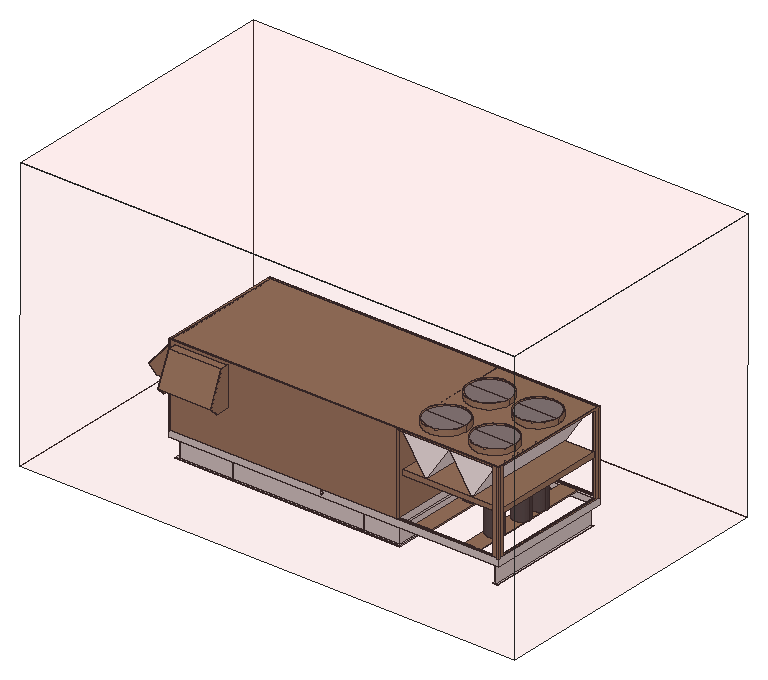
Revit family
Parameters (values of type "25 ton - D - C - E - 208V")
  Width = 92"  # constant formula
  Voltage = 208 V
  URL = "www.johnsoncontrols.com"
  Temperature Rise Range [instance] = 0 °F
  Supply Fan HP = 0 kW
  Supply Fan Full Load Current = 0 A
  Supply Air Connection Width = 71 39/64"  # constant formula
  Supply Air Connection Height = 26"  # constant formula
  Supply Air Connection Description = "Supply Air"  # constant formula
  Steady State Efficiency [instance] = 0
  Static Resistance [instance] = -0.14
  Standard Capacity Evaporator [instance] = "12.3"
  Serial Number [instance] = ""
  Seasonal Energy Efficiency Rating [instance] = 0
  Screen Detail Height = Height - 5 5/8"  # 58 3/8"
  Right Screen Detail Width = Width - 8"  # 84"
  Return Air Dry Bulb Temperature [instance] = 68 °F
  Return Air Connection Width = 76 3/8"  # constant formula
  Return Air Connection Height = 24 115/128"  # constant formula
  Return Air Connection Description = "Return Air"  # constant formula
  Refrigerant Used = "R-410A"  # constant formula
  Refrigerant Charge System Two = 12.00 lbf
  Refrigerant Charge System Three = 10.00 lbf
  Refrigerant Charge System One = 12.00 lbf
  Refrigerant Charge System Four = 10.00 lbf
  Product Page URL = "http://www.johnsoncontrols.com/publish/us/en/products/building_efficiency/integrated_hvac_systems/Industrial___Commercial_HVAC_Equipment/single-package_units/series_40.html"
  Product Documentation Link = "http://www.johnsoncontrols.com/publish/etc/medialib/jci/be/commercial/products/industrial___commercial/single-package_units.Par.8585.File.dat/series%2040%20-V%20series.pdf"
  Power Factor = 1  # constant formula
  Power Convenience Outlet Description [instance] = if(Power Convenience Outlet, "Convenience Outlet Power", "Disable")  # "Disable"
  Outdoor Ambient Temperature [instance] = 75 °F
  Outdoor Air Wet Bulb Temperature [instance] = 57 °F
  Nominal Cooling Capacity = 0.0 ton
  Maximum Overcurrent Protection = 0 A
  Filter Type = "2\" TA"
  Filter Size and Quantity = "4 / 16 x 25 & 6 / 20 x 25"  # constant formula
  Family Revision Date = "06/18/2010"  # constant formula
  Exhaust Width = 79"  # constant formula
  Power Exhaust [instance] = yes
  Power Convenience Outlet [instance] = no
  Power Connector Description = "Equipment Power"  # constant formula
  Operating Weight = 4410.00 lbf
  OmniClass Title = "Packaged Rooftop Air Conditioning Units"  # constant formula
  OmniClass Number = "23.75.10.24.21.27.14"  # constant formula
  Number of Poles = 3
  Model = "V32DE"
  Manufacturer = "Johnson Controls, Inc."  # constant formula
  Length = 240"  # constant formula
  Keynote = "15700"
  Integrated Part Load Value = 0
  Hot Gas By Pass [instance] = no
  Height = 64"  # constant formula
  Frame Material = Metal - JCI - Steel - Galvanized With Wood Nailer
  Frame Finish = Paint - JCI - Powder Coated - Champagne
  Filter Face Area = 30.40 SF  # constant formula
  Exhaust Fan HP [instance] = 0 kW
  Exhaust Fan Drive = "Belt Drive"
  Exhaust Air Blower Full Load Current [instance] = 0 A
  External Static Pressure [instance] = 0.00 in-wg
  Exhaust Fan Type = "FC"  # constant formula
  Exhaust Fan Quantity = 1
  Exhaust Air Flow = 0 CFM
  Evaporator Coil Row Count = 2
  Evaporator Coil Fins per Inch = 16  # constant formula
  Evaporator Coil Face Area = 26.00 SF
  Energy Efficiency Rating = 10.5
  Electric Heat Model = ""
  Electric Heat Current = 0 A
  Electric Heat = 0 kW
  Economizer Damper Hood Right [instance] = not(Economizer Damper Hood Left)  # yes
  Economizer Damper Hood Left [instance] = no
  Design Supply Air Flow [instance] = 0 CFM
  Description = "Air Handling Unit, Commercial Comfort Systems, Series 40, Cooling And Electric Heating-End Return, Bottom Supply - 25 to 40 Ton Unit"  # constant formula
  Curb Width = 87"  # constant formula
  Curb Thicknes = 2"  # constant formula
  Curb Metal Gauge = 1/8"  # constant formula
  Curb Length = 235"  # constant formula
  Curb Height = 14"  # constant formula
  Curb Material = Metal - JCI - Steel - Galvanized With Wood Nailer
  Curb Exists [instance] = yes
  Copyright © = "Copyright © 2001-2009 Johnson Controls"  # constant formula
  Convenience Outlet Voltage [instance] = if(Power Convenience Outlet, 115 V, 0 V)  # 0 V
  Convenience Outlet Full Load Current = 0 A
  Connection Opening Radius = 1 1/4"  # constant formula
  Condenser Fan Quantity = 4
  Condenser Fan HP = 0 kW
  Condenser Fan Full Load Current = 0 A
  Condenser Fan Drive Type = "Belt Drive"
  Condenser Fan Diameter = 30"
  Condenser Coils Fins per Inch = 16  # constant formula
  Condenser Coil Rows = 2
  Condenser Coil Material = Metal - JCI - Aluminum - Perforated
  Condensate Drain Connection Radius = Condensate Drain Connection Diameter / 2  # 3/4"
  Condensate Drain Connection Diameter = 1 1/2"  # constant formula
  Condensate Drain Connection Description = "Condensate Drain"  # constant formula
  Compressor Type = "Scroll"  # constant formula
  Compressor Size = "5.7 Tons"
  Compressor Running Load Current = 0 A
  Compressor Quantity = 4
  Compressor Maximum Continuous Current = 0 A
  Compressor Material = Metal - JCI - Cast Iron - Coated Black
  Compressor Locked Rotor Current = 0 A
  Clearance Top = 120"
  Clearance Right = 60"
  Clearance Left = 60"
  Clearance Front = 60"
  Clearance Bottom [instance] = if(Curb Exists, CTRL Curb Height, 0")  # 14"
  Clearance Back = 60"
  Clearance [instance] = Include Clearance : Include Clearance
  CTRL Curb Height [instance] = if(Curb Exists, if(Curb Height < 9", 8", 14"), 0")  # 14"
  Assembly Code = "D3050200"
  Actual Supply Air Flow [instance] = 0 CFM
  Actual Return Air Flow [instance] = 0 CFM
  Actual Condensate Drain Flow [instance] = 0 GPM
Reference planes (in)
  plane 1 "Center (Front/Back)": y = 0
  plane 2 "Curb Bottom": z = 0
  plane 3 "Center (Left/Right)": x = 0
  plane 4 "Curb Left": x = -117.5
  plane 5 "Curb Right": x = 117.5
  plane 6 "Curb Front": y = -43.5
  plane 7 "Curb Back": y = 43.5
  plane 8 "Economizer Left": x = -115.5
  plane 9 "Right Rail Center L/R": x = 115.5
  plane 10 "Curb Front Inset": y = -41.5
  plane 11 "Curb Back Inset": y = 41.5
  plane 12 "Curb Top": z = 14
  plane 13 "Curb Top Offset": z = 12.5
  plane 14 "Economizer Right": x = -76.91
  plane 15 "Economizer Right Offset": x = -74.91
  plane 16 "Supply Air Left": x = 18.17984
  plane 17 "Supply Air Right'": x = 44.17984
  plane 18 "Supply Air Right Offset": x = 46.17984
  plane 19 "Supply Air Left Offset": x = 16.17984
  plane 20 "Supply Air Front": y = -30.10938
  plane 21 "Supply Air Front Offset": y = -32.10938
  plane 22 "Right Rail Left": x = 113.5
  plane 23 "Right": x = 120
  plane 24 "Left": x = -120
  plane 25 "Back": y = 46
  plane 26 "Front": y = -46
  plane 27 "Center of Drain Connection L/R": x = -39.07
  plane 28 "Top of Base": z = 18.625
  plane 29 "Drain Center T/B": z = 16.3125
  plane 30 "Drain Back": y = 47
  plane 31 "Flanged Drain Left": x = -42.195
  plane 32 "Flanged Drain Right": x = -35.945
  plane 33 "Center of Electrical Connection L/R": x = -8.5
  plane 34 "Center of Electrical Connection F/B": y = -39.54
  plane 35 "Center of Connection Holes T/B": z = 17.0625
  plane 36 "Return Air Bottom": z = 20.25
  plane 37 "Return Air Top": z = 45.14844
  plane 38 "Return Air Front": y = -38.1875
  plane 39 "Return Air Back": y = 38.1875
  plane 40 "Top": z = 78
  plane 41 "Center (Elevation)": z = 48.3125
  plane 42 "Economizer Top": z = 76
  plane 43 "Front Condenser Fans": y = -23.97667
  plane 44 "Rear Condenser Fans": y = 15.33333
  plane 45 "Right Condenser Fans": x = 99.54496
  plane 46 "Center of Condenser Fans L/R": x = 82.83992
  plane 47 "Left Condenser Fans": x = 64.12309
  plane 48 "Compressor Base Top": z = 18.875
  plane 49 "Power Convenience Outlet Center L/R": x = -14.5
  plane 50 "Power Convenience Outlet Right": x = -13.75
  plane 51 "Power Convenience Outlet Left": x = -15.25
  plane 52 "Power Convenience Outlet Bottom": z = 16.0625
  plane 53 "Power Convenience Outlet Top": z = 18.0625
  plane 54 "Power Convenience Outlet Front": y = -46.75
  plane 55 "Supply Center": x = 31.17984
  plane 56 "Supply Middle": y = 5.68756
  plane 57 "Return Center": z = 32.69922
Forms (in)
  Sweep 1, solid, material "Metal - JCI - Steel - Galvanized With Wood Nailer" <- "Curb Material", visible <- "Curb Exists", detail levels fine
    path origin (0, 0, 0) x (1, 0, 0) y (0, 1, 0)
      loop
        line (-115.5, 41.5) -> (-115.5, -41.5) -> (44.17984, -41.5) -> (44.17984, 41.5) -> (-115.5, 41.5)
    profile origin (-35.66008, 41.5, 0) x (0, 1, 0) y (0, 0, 1)
      loop
        line (0, 0) -> (2, 0) -> (2, 0.125) -> (0.125, 0.125) -> (0.125, 13.875) -> (1.875, 13.875) -> (1.875, 12.5) -> (2, 12.5) -> (2, 14) -> (0, 14) -> (0, 0)
  Extrusion 2, solid, material "Metal - JCI - Steel - Galvanized With Wood Nailer" <- "Curb Material", visible <- "Curb Exists", detail levels fine
    sketch origin (0, 0, 0) x (1, 0, 0) y (0, 0, 1)
      loop
        line (16.17984, 12.5) -> (16.30484, 12.5) -> (16.30484, 13.875) -> (18.05484, 13.875) -> (18.05484, 0.125) -> (16.17984, 0.125) -> (16.17984, 0) -> (18.17984, 0) -> (18.17984, 14) -> (16.17984, 14) -> (16.17984, 12.5)
      loop
        line (-74.91, 12.5) -> (-74.91, 14) -> (-76.91, 14) -> (-76.91, 0) -> (-74.91, 0) -> (-74.91, 0.125) -> (-76.785, 0.125) -> (-76.785, 13.875) -> (-75.035, 13.875) -> (-75.035, 12.5) -> (-74.91, 12.5)
    from -41.5 to 41.5
  Extrusion 3, solid, material "Metal - JCI - Steel - Galvanized With Wood Nailer" <- "Curb Material", visible <- "Curb Exists", detail levels fine
    sketch origin (0, 0, 0) x (0, 1, 0) y (0, 0, 1)
      loop
        line (-32.10938, 0.125) -> (-32.10938, 0) -> (-30.10938, 0) -> (-30.10938, 14) -> (-32.10938, 14) -> (-32.10938, 12.5) -> (-31.98438, 12.5) -> (-31.98438, 13.875) -> (-30.23438, 13.875) -> (-30.23438, 0.125) -> (-32.10938, 0.125)
    from 18.17984 to 44.17984
  Extrusion 4, solid, material "Metal - JCI - Steel - Galvanized With Wood Nailer" <- "Curb Material", visible <- "Curb Exists", detail levels fine
    sketch origin (0, 0, 0) x (1, 0, 0) y (0, 0, 1)
      loop
        line (113.5, 0.125) -> (113.5, 0) -> (117.5, 0) -> (117.5, 0.125) -> (115.625, 0.125) -> (115.625, 13.875) -> (117.375, 13.875) -> (117.375, 12.5) -> (117.5, 12.5) -> (117.5, 14) -> (113.5, 14) -> (113.5, 12.5) -> (113.625, 12.5) -> (113.625, 13.875) -> (115.375, 13.875) -> (115.375, 0.125) -> (113.5, 0.125)
    from -43.5 to 43.5
  Extrusion 5, solid, material "Metal - JCI - Steel - Galvanized With Wood Nailer" <- "Curb Material", visible <- "Curb Exists", detail levels medium
    sketch origin (0, 0, 12.5) x (-1, 0, 0) y (0, -1, 0)
      loop
        line (117.5, -43.5) -> (117.5, 43.5) -> (-46.17984, 43.5) -> (-46.17984, -43.5) -> (117.5, -43.5)
      loop
        line (-113.5, -43.5) -> (-113.5, 43.5) -> (-117.5, 43.5) -> (-117.5, -43.5) -> (-113.5, -43.5)
      loop
        line (-18.17984, -41.5) -> (-18.17984, 30.10938) -> (-44.17984, 30.10938) -> (-44.17984, -41.5) -> (-18.17984, -41.5)
    from -12.5 to 1.5
  Revolve 6, solid, material "Metal - JCI - Steel - Galvanized With Wood Nailer" <- "Curb Material", detail levels medium+fine
    sketch origin (0, 0, 16.3125) x (-1, 0, 0) y (0, -1, 0)
      loop
        line (39.07, -47) -> (39.07, -46) -> (38.32, -46) -> (38.32, -47) -> (39.07, -47)
      axis (39.07, -46) -> (39.07, -47)
    angle from 0 to 360
  Extrusion 7, solid, material "Metal - JCI - Steel - Galvanized With Wood Nailer" <- "Curb Material", detail levels medium+fine
    sketch origin (0, -43.5, 0) x (-1, 0, 0) y (0, 0, 1)
      loop
        line (42.195, 18.625) -> (35.945, 18.625) -> (35.945, 14) -> (42.195, 14) -> (42.195, 18.625)
      loop
        circle (39.07, 16.3125) r 0.75
    from 89.5 to 89.57955
  Extrusion 8, void
    sketch origin (0, -43.5, 0) x (-1, 0, 0) y (0, 0, 1)
      loop
        circle (8.5, 17.0625) r 1.25
    from -2.5 to 3.96
  Extrusion 9, void
    sketch origin (0, 0, 16.3125) x (-1, 0, 0) y (0, -1, 0)
      loop
        line (-18.17984, -41.5) -> (-18.17984, 30.10938) -> (-44.17984, 30.10938) -> (-44.17984, -41.5) -> (-18.17984, -41.5)
    from -3.8125 to -2.3125
  Extrusion 10, void
    sketch origin (0, 0, 0) x (0, 1, 0) y (0, 0, 1)
      loop
        line (38.1875, 45.14844) -> (-38.1875, 45.14844) -> (-38.1875, 20.25) -> (38.1875, 20.25) -> (38.1875, 45.14844)
    from -120 to -117.5
  Extrusion 11, solid, material "Metal - JCI - Steel - Galvanized With Wood Nailer" <- "Frame Material", visible <- "Power Convenience Outlet", detail levels medium+fine
    sketch origin (0, -46, 0) x (-1, 0, 0) y (0, 0, 1)
      loop
        line (15.25, 18.0625) -> (13.75, 18.0625) -> (13.75, 16.0625) -> (15.25, 16.0625) -> (15.25, 18.0625)
    from -0.75 to 0
Lines and regions (in)
  Masking region 1
    outline origin (0, 0, 0) x (1, 0, 0) y (0, 0, 1)
      loop
        line (113.5, 14) -> (113.5, 0) -> (117.5, 0) -> (117.5, 14) -> (113.5, 14)
      loop
        line (-117.5, 14) -> (-117.5, 0) -> (46.17984, 0) -> (46.17984, 14) -> (-117.5, 14)
  Masking region 2
    outline origin (0, 0, 0) x (0, 1, 0) y (0, 0, 1)
      loop
        line (-43.5, 14) -> (-43.5, 0) -> (43.5, 0) -> (43.5, 14) -> (-43.5, 14)
  Masking region 3, visible <- "Power Convenience Outlet", detail levels medium+fine
    outline origin (-14.5, 0, 0) x (0, -1, 0) y (0, 0, 1)
      loop
        line (46.75, 18.0625) -> (46, 18.0625) -> (46, 16.0625) -> (46.75, 16.0625) -> (46.75, 18.0625)
  Masking region 4, visible <- "Power Convenience Outlet"
    outline origin (0, -46, 0) x (-1, 0, 0) y (0, 0, 1)
      loop
        line (15.25, 18.0625) -> (13.75, 18.0625) -> (13.75, 16.0625) -> (15.25, 16.0625) -> (15.25, 18.0625)
  Masking region 5, visible <- "Power Convenience Outlet", detail levels medium+fine
    outline origin (0, 0, 17.0625) x (-1, 0, 0) y (0, -1, 0)
      loop
        line (15.25, 46) -> (15.25, 46.75) -> (13.75, 46.75) -> (13.75, 46) -> (15.25, 46)
  Masking region 6, detail levels medium+fine
    outline origin (-39.07, 0, 0) x (0, -1, 0) y (0, 0, 1)
      loop
        line (-46, 17.0625) -> (-47, 17.0625) -> (-47, 15.5625) -> (-46, 15.5625) -> (-46, 17.0625)
  Masking region 7, detail levels medium+fine
    outline origin (0, 0, 17.0625) x (-1, 0, 0) y (0, -1, 0)
      loop
        line (39.82, -47) -> (39.82, -46) -> (38.32, -46) -> (38.32, -47) -> (39.82, -47)
  model lines, style "Roof Curv", visible <- "Curb Exists", detail levels coarse
    curve 1: line (-117.5, 43.5, 0) -> (46.17984, 43.5, 0)
    curve 2: line (-117.5, 43.5, 0) -> (-117.5, -43.5, 0)
    curve 3: line (-117.5, -43.5, 0) -> (46.17984, -43.5, 0)
    curve 4: line (46.17984, 43.5, 0) -> (46.17984, -43.5, 0)
    curve 5: line (115.5, 43.5, 0) -> (115.5, -43.5, 0)
    curve 6: line (-117.5, 43.5, 14) -> (46.17984, 43.5, 14)
    curve 7: line (-117.5, -43.5, 14) -> (46.17984, -43.5, 14)
    curve 8: line (46.17984, 43.5, 14) -> (46.17984, -43.5, 14)
    curve 9: line (-117.5, 43.5, 14) -> (-117.5, -43.5, 14)
    curve 10: line (115.5, 43.5, 14) -> (115.5, -43.5, 14)
    curve 11: line (113.5, -43.5, 14) -> (117.5, -43.5, 14)
    curve 12: line (113.5, 43.5, 14) -> (117.5, 43.5, 14)
    curve 13: line (113.5, 43.5, 0) -> (117.5, 43.5, 0)
    curve 14: line (113.5, -43.5, 0) -> (117.5, -43.5, 0)
    curve 15: line (117.5, 43.5, 14) -> (117.5, 43.5, 12.5)
    curve 16: line (113.5, 43.5, 14) -> (113.5, 43.5, 12.5)
    curve 17: line (115.5, 43.5, 14) -> (115.5, 43.5, 0)
    curve 18: line (113.5, -43.5, 14) -> (113.5, -43.5, 12.5)
    curve 19: line (117.5, -43.5, 14) -> (117.5, -43.5, 12.5)
    curve 20: line (115.5, -43.5, 14) -> (115.5, -43.5, 0)
    curve 21: line (113.5, 43.5, 0) -> (113.5, -43.5, 0)
    curve 22: line (117.5, 43.5, 0) -> (117.5, -43.5, 0)
    curve 23: line (113.5, 43.5, 14) -> (113.5, -43.5, 14)
    curve 24: line (117.5, 43.5, 14) -> (117.5, -43.5, 14)
    curve 25: line (117.5, 43.5, 12.5) -> (117.5, -43.5, 12.5)
    curve 26: line (113.5, -43.5, 12.5) -> (113.5, 43.5, 12.5)
    curve 27: line (44.17984, 41.5, 14) -> (44.17984, 41.5, 0)
    curve 28: line (-115.5, 41.5, 14) -> (-115.5, 41.5, 0)
    curve 29: line (-115.5, -41.5, 14) -> (-115.5, -41.5, 0)
    curve 30: line (44.17984, -41.5, 14) -> (44.17984, -41.5, 0)
    curve 31: line (-115.5, 41.5, 0) -> (44.17984, 41.5, 0)
    curve 32: line (-115.5, -41.5, 0) -> (44.17984, -41.5, 0)
    curve 33: line (44.17984, 41.5, 0) -> (44.17984, -41.5, 0)
    curve 34: line (-115.5, 41.5, 0) -> (-115.5, -41.5, 0)
    curve 35: line (-115.5, 41.5, 14) -> (44.17984, 41.5, 14)
    curve 36: line (44.17984, 41.5, 14) -> (44.17984, -41.5, 14)
    curve 37: line (44.17984, -41.5, 14) -> (-115.5, -41.5, 14)
    curve 38: line (-115.5, -41.5, 14) -> (-115.5, 41.5, 14)
    curve 39: line (-117.5, 43.5, 14) -> (-115.5, 41.5, 14)
    curve 40: line (-117.5, -43.5, 14) -> (-115.5, -41.5, 14)
    curve 41: line (44.17984, -41.5, 14) -> (46.17984, -43.5, 14)
    curve 42: line (44.17984, 41.5, 14) -> (46.17984, 43.5, 14)
    curve 43: line (44.17984, 41.5, 0) -> (46.17984, 43.5, 0)
    curve 44: line (44.17984, -41.5, 0) -> (46.17984, -43.5, 0)
    curve 45: line (-115.5, -41.5, 0) -> (-117.5, -43.5, 0)
    curve 46: line (-115.5, 41.5, 0) -> (-117.5, 43.5, 0)
    curve 47: line (-117.5, 43.5, 14) -> (-117.5, 43.5, 12.5)
    curve 48: line (46.17984, 43.5, 14) -> (46.17984, 43.5, 12.5)
    curve 49: line (-117.5, -43.5, 14) -> (-117.5, -43.5, 12.5)
    curve 50: line (46.17984, -43.5, 14) -> (46.17984, -43.5, 12.5)
    curve 51: line (-117.5, 43.5, 12.5) -> (46.17984, 43.5, 12.5)
    curve 52: line (-117.5, -43.5, 12.5) -> (-117.5, 43.5, 12.5)
    curve 53: line (46.17984, -43.5, 12.5) -> (-117.5, -43.5, 12.5)
    curve 54: line (46.17984, 43.5, 12.5) -> (46.17984, -43.5, 12.5)
  model lines, style "Roof Curv", detail levels coarse
    curve 55: line (-39.07, 46, 16.3125) -> (-39.07, 47, 16.3125)
  symbolic lines, style "Roof Curv", detail levels coarse
    curve 56: line (-39.07, 46, 16.3125) -> (-39.07, 47, 16.3125)
    curve 57: line (-39.07, 46, 16.3125) -> (-39.07, 47, 16.3125)
  model lines, style "Frame Unit", visible <- "Power Convenience Outlet", detail levels coarse
    curve 58: line (-14.5, -46, 17.0625) -> (-14.5, -46.75, 17.0625)
    curve 60: line (-15.25, -46, 18.0625) -> (-13.75, -46, 18.0625)
    curve 61: line (-13.75, -46, 18.0625) -> (-13.75, -46, 16.0625)
    curve 62: line (-13.75, -46, 16.0625) -> (-15.25, -46, 16.0625)
    curve 63: line (-15.25, -46, 16.0625) -> (-15.25, -46, 18.0625)
  symbolic lines, style "Frame Unit", visible <- "Power Convenience Outlet", detail levels coarse
    curve 59: line (-14.5, -46.75, 17.0625) -> (-14.5, -46, 17.0625)
    curve 64: line (-14.5, -46, 17.0625) -> (-14.5, -46.75, 17.0625)
Dimensions and locks (in)
  "Curb Thicknes": plane 9 "Right Rail Center L/R" to plane 5 "Curb Right"
  "Curb Thicknes": plane 4 "Curb Left" to plane 8 "Economizer Left"
  "Curb Height": plane 12 "Curb Top" to plane 2 "Curb Bottom"
  locked: plane 12 "Curb Top" to plane 13 "Curb Top Offset" at 1.5
  "Curb Metal Gauge": Sweep 1 sketch curve to plane 7 "Curb Back"
  "Curb Metal Gauge": plane 12 "Curb Top" to Sweep 1 sketch curve
  "Curb Metal Gauge": plane 11 "Curb Back Inset" to Sweep 1 sketch curve
  "Curb Metal Gauge": Sweep 1 sketch curve to plane 2 "Curb Bottom"
  "Curb Thicknes": plane 14 "Economizer Right" to plane 15 "Economizer Right Offset"
  locked: plane 8 "Economizer Left" to plane 14 "Economizer Right" at 38.59
  "Supply Air Connection Height": plane 16 "Supply Air Left" to plane 17 "Supply Air Right'"
  "Curb Thicknes": plane 17 "Supply Air Right'" to plane 18 "Supply Air Right Offset"
  "Curb Thicknes": plane 19 "Supply Air Left Offset" to plane 16 "Supply Air Left"
  locked: plane 18 "Supply Air Right Offset" to plane 5 "Curb Right" at 71.32016
  "Curb Metal Gauge": plane 14 "Economizer Right" to Extrusion 2 sketch curve
  "Curb Metal Gauge": Extrusion 2 sketch curve to plane 2 "Curb Bottom"  (x2)
  "Curb Metal Gauge": Extrusion 2 sketch curve to plane 15 "Economizer Right Offset"
  "Curb Metal Gauge": plane 12 "Curb Top" to Extrusion 2 sketch curve  (x2)
  "Curb Metal Gauge": plane 19 "Supply Air Left Offset" to Extrusion 2 sketch curve
  "Curb Metal Gauge": Extrusion 2 sketch curve to plane 16 "Supply Air Left"
  "Supply Air Connection Width": plane 20 "Supply Air Front" to plane 11 "Curb Back Inset"
  "Curb Thicknes": plane 20 "Supply Air Front" to plane 21 "Supply Air Front Offset"
  "Curb Metal Gauge": Extrusion 3 sketch curve to plane 20 "Supply Air Front"
  "Curb Metal Gauge": plane 21 "Supply Air Front Offset" to Extrusion 3 sketch curve
  "Curb Metal Gauge": plane 12 "Curb Top" to Extrusion 3 sketch curve
  "Curb Metal Gauge": Extrusion 3 sketch curve to plane 2 "Curb Bottom"
  "Curb Thicknes": plane 22 "Right Rail Left" to plane 9 "Right Rail Center L/R"
  "Curb Metal Gauge": plane 12 "Curb Top" to Extrusion 4 sketch curve
  "Curb Metal Gauge": Extrusion 4 sketch curve to plane 5 "Curb Right"
  "Curb Metal Gauge": Extrusion 4 sketch curve to plane 2 "Curb Bottom"
  "Curb Metal Gauge": Extrusion 4 sketch curve to plane 9 "Right Rail Center L/R"
  "Curb Metal Gauge": plane 9 "Right Rail Center L/R" to Extrusion 4 sketch curve
  "Curb Metal Gauge": Extrusion 4 sketch curve to plane 22 "Right Rail Left"
  equal spacing: plane 24 "Left", plane 3 "Center (Left/Right)", plane 23 "Right"
  "Length": plane 24 "Left" to plane 23 "Right"
  equal spacing: plane 25 "Back", plane 1 "Center (Front/Back)", plane 26 "Front"
  "Width": plane 25 "Back" to plane 26 "Front"
  locked: plane 7 "Curb Back" to plane 25 "Back" at 2.5
  locked: plane 6 "Curb Front" to plane 26 "Front" at 2.5
  "Curb Thicknes": plane 10 "Curb Front Inset" to plane 6 "Curb Front"
  "Curb Thicknes": plane 11 "Curb Back Inset" to plane 7 "Curb Back"
  locked: plane 5 "Curb Right" to plane 23 "Right" at 2.5
  locked: plane 24 "Left" to plane 4 "Curb Left" at 2.5
  locked: plane 24 "Left" to plane 27 "Center of Drain Connection L/R" at 80.93
  locked: plane 28 "Top of Base" to plane 12 "Curb Top" at 4.625
  equal spacing: plane 28 "Top of Base", plane 29 "Drain Center T/B", plane 12 "Curb Top"
  "Condensate Drain Connection Radius": Revolve 6 sketch curve to Revolve 6 sketch curve
  locked: plane 25 "Back" to plane 30 "Drain Back" at 1
  equal spacing: plane 32 "Flanged Drain Right", plane 27 "Center of Drain Connection L/R", plane 31 "Flanged Drain Left"
  locked: plane 32 "Flanged Drain Right" to plane 31 "Flanged Drain Left" at 6.25
  "Condensate Drain Connection Radius": Extrusion 7 sketch curve to plane 29 "Drain Center T/B"
  "Condensate Drain Connection Radius": plane 27 "Center of Drain Connection L/R" to Extrusion 7 sketch curve
  locked: plane 25 "Back" to Extrusion 7 at 0.07955
  locked: plane 33 "Center of Electrical Connection L/R" to plane 23 "Right" at 128.5
  locked: plane 34 "Center of Electrical Connection F/B" to plane 26 "Front" at 6.46
  locked: plane 35 "Center of Connection Holes T/B" to plane 12 "Curb Top" at 3.0625
  "Connection Opening Radius": plane 33 "Center of Electrical Connection L/R" to Extrusion 8 sketch curve
  "Connection Opening Radius": plane 35 "Center of Connection Holes T/B" to Extrusion 8 sketch curve
  locked: plane 36 "Return Air Bottom" to plane 12 "Curb Top" at 6.25
  "Return Air Connection Height": plane 37 "Return Air Top" to plane 36 "Return Air Bottom"
  equal spacing: plane 39 "Return Air Back", plane 1 "Center (Front/Back)", plane 38 "Return Air Front"
  "Return Air Connection Width": plane 39 "Return Air Back" to plane 38 "Return Air Front"
  "Height": plane 40 "Top" to plane 12 "Curb Top"
  equal spacing: plane 40 "Top", plane 41 "Center (Elevation)", plane 28 "Top of Base"
  locked: plane 40 "Top" to plane 42 "Economizer Top" at 2
  locked: plane 25 "Back" to plane 44 "Rear Condenser Fans" at 30.66667
  locked: plane 45 "Right Condenser Fans" to plane 23 "Right" at 20.45504
  locked: plane 43 "Front Condenser Fans" to plane 44 "Rear Condenser Fans" at 39.31
  locked: plane 47 "Left Condenser Fans" to plane 45 "Right Condenser Fans" at 35.42188
  locked: plane 48 "Compressor Base Top" to plane 28 "Top of Base" at 0.25
  locked: plane 49 "Power Convenience Outlet Center L/R" to plane 33 "Center of Electrical Connection L/R" at 6
  equal spacing: plane 50 "Power Convenience Outlet Right", plane 49 "Power Convenience Outlet Center L/R", plane 51 "Power Convenience Outlet Left"
  locked: plane 50 "Power Convenience Outlet Right" to plane 51 "Power Convenience Outlet Left" at 1.5
  locked: plane 53 "Power Convenience Outlet Top" to plane 52 "Power Convenience Outlet Bottom" at 2
  equal spacing: plane 53 "Power Convenience Outlet Top", plane 35 "Center of Connection Holes T/B", plane 52 "Power Convenience Outlet Bottom"
  locked: plane 54 "Power Convenience Outlet Front" to plane 26 "Front" at 0.75
  "Condensate Drain Connection Radius": Masking region 6 sketch curve to plane 29 "Drain Center T/B"
  "Condensate Drain Connection Radius": plane 29 "Drain Center T/B" to Masking region 6 sketch curve
  "Condensate Drain Connection Radius": plane 27 "Center of Drain Connection L/R" to Masking region 7 sketch curve
  "Condensate Drain Connection Radius": Masking region 7 sketch curve to plane 27 "Center of Drain Connection L/R"
  "Connection Opening Radius": radius of Extrusion 8 sketch curve
  aligned and locked: plane 2 "Curb Bottom" to level
  aligned and locked: Sweep 1 sketch curve to plane 11 "Curb Back Inset"
  aligned and locked: Sweep 1 sketch curve to plane 12 "Curb Top"
  aligned and locked: plane 13 "Curb Top Offset" to Sweep 1 sketch curve
  aligned and locked: plane 11 "Curb Back Inset" to Sweep 1 sketch curve
  aligned and locked: plane 10 "Curb Front Inset" to Sweep 1 sketch curve
  aligned and locked: Sweep 1 sketch curve to plane 8 "Economizer Left"
  aligned and locked: plane 7 "Curb Back" to Sweep 1 sketch curve
  aligned and locked: Sweep 1 sketch curve to plane 2 "Curb Bottom"
  aligned and locked: plane 17 "Supply Air Right'" to Sweep 1 sketch curve
  aligned and locked: plane 16 "Supply Air Left" to Extrusion 2 sketch curve
  aligned and locked: Extrusion 2 sketch curve to plane 19 "Supply Air Left Offset"  (x2)
  aligned and locked: Extrusion 2 sketch curve to plane 12 "Curb Top"
  aligned and locked: plane 2 "Curb Bottom" to Extrusion 2 sketch curve
  aligned and locked: Extrusion 2 sketch curve to plane 15 "Economizer Right Offset"  (x2)
  aligned and locked: plane 14 "Economizer Right" to Extrusion 2 sketch curve
  aligned and locked: plane 12 "Curb Top" to Extrusion 2 sketch curve
  aligned and locked: Extrusion 2 sketch curve to plane 2 "Curb Bottom"
  aligned and locked: Extrusion 2 to plane 11 "Curb Back Inset"
  aligned and locked: Extrusion 2 to plane 10 "Curb Front Inset"
  aligned and locked: Extrusion 2 sketch curve to plane 13 "Curb Top Offset"
  aligned and locked: plane 13 "Curb Top Offset" to Extrusion 2 sketch curve
  aligned and locked: Extrusion 3 sketch curve to plane 12 "Curb Top"
  aligned and locked: plane 2 "Curb Bottom" to Extrusion 3 sketch curve
  aligned and locked: Extrusion 3 sketch curve to plane 20 "Supply Air Front"
  aligned and locked: plane 21 "Supply Air Front Offset" to Extrusion 3 sketch curve  (x2)
  aligned and locked: plane 13 "Curb Top Offset" to Extrusion 3 sketch curve
  aligned and locked: plane 16 "Supply Air Left" to Extrusion 3
  aligned and locked: Extrusion 3 to plane 17 "Supply Air Right'"
  aligned and locked: Extrusion 4 sketch curve to plane 12 "Curb Top"
  aligned and locked: plane 22 "Right Rail Left" to Extrusion 4 sketch curve  (x2)
  aligned and locked: plane 13 "Curb Top Offset" to Extrusion 4 sketch curve  (x2)
  aligned and locked: plane 5 "Curb Right" to Extrusion 4 sketch curve  (x2)
  aligned and locked: plane 2 "Curb Bottom" to Extrusion 4 sketch curve
  aligned and locked: Extrusion 4 sketch curve to Extrusion 4 sketch curve  (x2)
  aligned and locked: Extrusion 4 to plane 7 "Curb Back"
  aligned and locked: Extrusion 4 to plane 6 "Curb Front"
  aligned and locked: plane 6 "Curb Front" to curve 4
  aligned and locked: plane 7 "Curb Back" to curve 5
  aligned and locked: plane 6 "Curb Front" to curve 5
  aligned and locked: curve 5 to plane 9 "Right Rail Center L/R"
  aligned and locked: plane 18 "Supply Air Right Offset" to curve 1
  aligned and locked: plane 4 "Curb Left" to curve 3
  aligned and locked: curve 3 to plane 6 "Curb Front"
  aligned and locked: plane 4 "Curb Left" to curve 9
  aligned and locked: plane 18 "Supply Air Right Offset" to curve 7
  aligned and locked: plane 22 "Right Rail Left" to curve 11
  aligned and locked: plane 22 "Right Rail Left" to curve 14
  aligned and locked: plane 5 "Curb Right" to curve 11
  aligned and locked: plane 5 "Curb Right" to curve 14
  aligned and locked: curve 11 to plane 6 "Curb Front"
  aligned and locked: curve 14 to plane 6 "Curb Front"
  aligned and locked: plane 18 "Supply Air Right Offset" to curve 8
  aligned and locked: plane 7 "Curb Back" to curve 10
  aligned and locked: curve 10 to plane 9 "Right Rail Center L/R"
  aligned and locked: plane 5 "Curb Right" to curve 13
  aligned and locked: plane 22 "Right Rail Left" to curve 12
  aligned and locked: plane 22 "Right Rail Left" to curve 13
  aligned and locked: plane 7 "Curb Back" to curve 12
  aligned and locked: plane 7 "Curb Back" to curve 13
  aligned and locked: plane 4 "Curb Left" to curve 6
  aligned and locked: plane 4 "Curb Left" to curve 1
  aligned and locked: plane 18 "Supply Air Right Offset" to curve 6
  aligned and locked: plane 6 "Curb Front" to curve 9
  aligned and locked: plane 6 "Curb Front" to curve 2
  aligned and locked: plane 12 "Curb Top" to curve 18
  aligned and locked: plane 12 "Curb Top" to curve 16
  aligned and locked: plane 12 "Curb Top" to curve 20
  aligned and locked: plane 12 "Curb Top" to curve 17
  aligned and locked: plane 12 "Curb Top" to curve 15
  aligned and locked: plane 12 "Curb Top" to curve 19
  aligned and locked: plane 13 "Curb Top Offset" to curve 18
  aligned and locked: plane 13 "Curb Top Offset" to curve 16
  aligned and locked: plane 13 "Curb Top Offset" to curve 15
  aligned and locked: plane 13 "Curb Top Offset" to curve 19
  aligned and locked: plane 2 "Curb Bottom" to curve 20
  aligned and locked: plane 2 "Curb Bottom" to curve 17
  aligned and locked: curve 16 to plane 22 "Right Rail Left"
  aligned and locked: curve 18 to plane 22 "Right Rail Left"
  aligned and locked: plane 5 "Curb Right" to curve 15
  aligned and locked: plane 5 "Curb Right" to curve 19
  aligned and locked: curve 17 to plane 9 "Right Rail Center L/R"
  aligned and locked: curve 20 to plane 9 "Right Rail Center L/R"
  aligned and locked: plane 5 "Curb Right" to curve 24
  aligned and locked: plane 7 "Curb Back" to curve 24
  aligned and locked: plane 7 "Curb Back" to curve 23
  aligned and locked: plane 7 "Curb Back" to curve 22
  aligned and locked: plane 7 "Curb Back" to curve 21
  aligned and locked: plane 6 "Curb Front" to curve 23
  aligned and locked: plane 6 "Curb Front" to curve 24
  aligned and locked: plane 6 "Curb Front" to curve 21
  aligned and locked: plane 6 "Curb Front" to curve 22
  aligned and locked: plane 7 "Curb Back" to curve 25
  aligned and locked: plane 7 "Curb Back" to curve 26
  aligned and locked: plane 6 "Curb Front" to curve 25
  aligned and locked: plane 5 "Curb Right" to curve 25
  aligned and locked: plane 22 "Right Rail Left" to curve 26
  aligned and locked: plane 12 "Curb Top" to curve 30
  aligned and locked: plane 12 "Curb Top" to curve 27
  aligned and locked: plane 12 "Curb Top" to curve 28
  aligned and locked: plane 12 "Curb Top" to curve 29
  aligned and locked: plane 2 "Curb Bottom" to curve 29
  aligned and locked: plane 2 "Curb Bottom" to curve 28
  aligned and locked: plane 2 "Curb Bottom" to curve 30
  aligned and locked: plane 2 "Curb Bottom" to curve 27
  aligned and locked: plane 17 "Supply Air Right'" to curve 27
  aligned and locked: plane 17 "Supply Air Right'" to curve 30
  aligned and locked: plane 8 "Economizer Left" to curve 28
  aligned and locked: plane 8 "Economizer Left" to curve 29
  aligned and locked: plane 8 "Economizer Left" to curve 31
  aligned and locked: plane 17 "Supply Air Right'" to curve 35
  aligned and locked: plane 10 "Curb Front Inset" to curve 36
  aligned and locked: plane 10 "Curb Front Inset" to curve 33
  aligned and locked: plane 17 "Supply Air Right'" to curve 33
  aligned and locked: curve 32 to plane 10 "Curb Front Inset"
  aligned and locked: plane 8 "Economizer Left" to curve 32
  aligned and locked: plane 10 "Curb Front Inset" to curve 38
  aligned and locked: curve 38 to plane 8 "Economizer Left"
  aligned and locked: plane 11 "Curb Back Inset" to curve 31
  aligned and locked: plane 11 "Curb Back Inset" to curve 35
  aligned and locked: plane 8 "Economizer Left" to curve 39
  aligned and locked: plane 7 "Curb Back" to curve 39
  aligned and locked: plane 11 "Curb Back Inset" to curve 42
  aligned and locked: plane 7 "Curb Back" to curve 42
  aligned and locked: plane 7 "Curb Back" to curve 43
  aligned and locked: plane 11 "Curb Back Inset" to curve 43
  aligned and locked: plane 18 "Supply Air Right Offset" to curve 44
  aligned and locked: plane 17 "Supply Air Right'" to curve 44
  aligned and locked: plane 17 "Supply Air Right'" to curve 41
  aligned and locked: plane 4 "Curb Left" to curve 40
  aligned and locked: plane 6 "Curb Front" to curve 40
  aligned and locked: curve 46 to curve 39
  aligned and locked: plane 7 "Curb Back" to curve 46
  aligned and locked: plane 6 "Curb Front" to curve 41
  aligned and locked: plane 13 "Curb Top Offset" to curve 47
  aligned and locked: plane 13 "Curb Top Offset" to curve 49
  aligned and locked: plane 12 "Curb Top" to curve 47
  aligned and locked: plane 12 "Curb Top" to curve 49
  aligned and locked: plane 4 "Curb Left" to curve 47
  aligned and locked: plane 4 "Curb Left" to curve 49
  aligned and locked: plane 13 "Curb Top Offset" to curve 48
  aligned and locked: plane 13 "Curb Top Offset" to curve 50
  aligned and locked: plane 12 "Curb Top" to curve 50
  aligned and locked: plane 12 "Curb Top" to curve 48
  aligned and locked: plane 18 "Supply Air Right Offset" to curve 48
  aligned and locked: plane 18 "Supply Air Right Offset" to curve 50
  aligned and locked: plane 18 "Supply Air Right Offset" to curve 54
  aligned and locked: plane 7 "Curb Back" to curve 51
  aligned and locked: plane 7 "Curb Back" to curve 54
  aligned and locked: plane 6 "Curb Front" to curve 54
  aligned and locked: plane 18 "Supply Air Right Offset" to curve 53
  aligned and locked: plane 6 "Curb Front" to curve 52
  aligned and locked: plane 4 "Curb Left" to curve 53
  aligned and locked: plane 4 "Curb Left" to curve 51
  aligned and locked: plane 18 "Supply Air Right Offset" to curve 51
  aligned and locked: plane 7 "Curb Back" to curve 52
  aligned and locked: plane 7 "Curb Back" to Extrusion 5 sketch curve  (x2)
  aligned and locked: Extrusion 5 sketch curve to plane 4 "Curb Left"
  aligned and locked: plane 6 "Curb Front" to Extrusion 5 sketch curve  (x2)
  aligned and locked: plane 18 "Supply Air Right Offset" to Extrusion 5 sketch curve
  aligned and locked: plane 22 "Right Rail Left" to Extrusion 5 sketch curve
  aligned and locked: plane 5 "Curb Right" to Extrusion 5 sketch curve
  aligned and locked: Extrusion 5 to plane 2 "Curb Bottom"
  aligned and locked: plane 12 "Curb Top" to Extrusion 5
  aligned and locked: plane 27 "Center of Drain Connection L/R" to Revolve 6 sketch curve
  aligned and locked: Revolve 6 sketch curve to plane 25 "Back"
  aligned and locked: Revolve 6 sketch curve to Revolve 6 sketch curve
  aligned and locked: plane 30 "Drain Back" to Revolve 6 sketch curve
  aligned and locked: plane 25 "Back" to curve 55
  aligned and locked: plane 30 "Drain Back" to curve 55
  aligned and locked: plane 27 "Center of Drain Connection L/R" to curve 55
  aligned and locked: plane 30 "Drain Back" to curve 56
  aligned and locked: plane 25 "Back" to curve 56
  aligned and locked: plane 27 "Center of Drain Connection L/R" to curve 56
  aligned and locked: plane 30 "Drain Back" to curve 57
  aligned and locked: plane 25 "Back" to curve 57
  aligned and locked: curve 57 to plane 29 "Drain Center T/B"
  aligned and locked: plane 32 "Flanged Drain Right" to Extrusion 7 sketch curve
  aligned and locked: plane 12 "Curb Top" to Extrusion 7 sketch curve
  aligned and locked: plane 31 "Flanged Drain Left" to Extrusion 7 sketch curve
  aligned and locked: Extrusion 7 sketch curve to plane 28 "Top of Base"
  aligned and locked: plane 25 "Back" to Extrusion 7
  aligned and locked: plane 34 "Center of Electrical Connection F/B" to Extrusion 8
  aligned and locked: Extrusion 8 to plane 26 "Front"
  aligned and locked: plane 1 "Center (Front/Back)" to nested 1
  aligned and locked: plane 3 "Center (Left/Right)" to nested 1
  aligned and locked: Masking region 1 sketch curve to plane 12 "Curb Top"  (x2)
  aligned and locked: Masking region 1 sketch curve to plane 4 "Curb Left"
  aligned and locked: plane 2 "Curb Bottom" to Masking region 1 sketch curve  (x2)
  aligned and locked: plane 18 "Supply Air Right Offset" to Masking region 1 sketch curve
  aligned and locked: plane 5 "Curb Right" to Masking region 1 sketch curve
  aligned and locked: plane 22 "Right Rail Left" to Masking region 1 sketch curve
  aligned and locked: Masking region 2 sketch curve to plane 12 "Curb Top"
  aligned and locked: plane 7 "Curb Back" to Masking region 2 sketch curve
  aligned and locked: plane 2 "Curb Bottom" to Masking region 2 sketch curve
  aligned and locked: plane 6 "Curb Front" to Masking region 2 sketch curve
  aligned and locked: plane 11 "Curb Back Inset" to Extrusion 9 sketch curve
  aligned and locked: Extrusion 9 sketch curve to plane 16 "Supply Air Left"
  aligned and locked: plane 17 "Supply Air Right'" to Extrusion 9 sketch curve
  aligned and locked: plane 20 "Supply Air Front" to Extrusion 9 sketch curve
  aligned and locked: plane 12 "Curb Top" to Extrusion 9
  aligned and locked: Extrusion 9 to plane 13 "Curb Top Offset"
  aligned and locked: plane 3 "Center (Left/Right)" to nested 2
  aligned and locked: plane 12 "Curb Top" to nested 2
  aligned and locked: plane 36 "Return Air Bottom" to Extrusion 10 sketch curve
  aligned and locked: plane 39 "Return Air Back" to Extrusion 10 sketch curve
  aligned and locked: Extrusion 10 sketch curve to plane 37 "Return Air Top"
  aligned and locked: plane 38 "Return Air Front" to Extrusion 10 sketch curve
  aligned and locked: Extrusion 10 to plane 4 "Curb Left"
  aligned and locked: Extrusion 10 to plane 24 "Left"
  aligned and locked: plane 11 "Curb Back Inset" to Extrusion 5 sketch curve
  aligned and locked: plane 17 "Supply Air Right'" to Extrusion 5 sketch curve
  aligned and locked: Extrusion 5 sketch curve to plane 16 "Supply Air Left"
  aligned and locked: plane 20 "Supply Air Front" to Extrusion 5 sketch curve
  aligned and locked: nested 3 to plane 8 "Economizer Left"
  aligned and locked: nested 3 to plane 25 "Back"
  aligned and locked: nested 4 to plane 26 "Front"
  aligned and locked: nested 4 to plane 8 "Economizer Left"
  aligned and locked: plane 42 "Economizer Top" to nested 4
  aligned and locked: plane 42 "Economizer Top" to nested 3
  aligned and locked: plane 44 "Rear Condenser Fans" to nested 5
  aligned and locked: plane 1 "Center (Front/Back)" to nested 7
  aligned and locked: plane 47 "Left Condenser Fans" to nested 7
  aligned and locked: nested 6 to plane 43 "Front Condenser Fans"
  aligned and locked: plane 1 "Center (Front/Back)" to nested 8
  aligned and locked: plane 45 "Right Condenser Fans" to nested 6
  aligned and locked: plane 45 "Right Condenser Fans" to nested 8
  aligned and locked: plane 45 "Right Condenser Fans" to nested 5
  aligned and locked: plane 28 "Top of Base" to nested 6
  aligned and locked: plane 28 "Top of Base" to nested 8
  aligned and locked: plane 28 "Top of Base" to nested 5
  aligned and locked: plane 28 "Top of Base" to nested 7
  aligned and locked: nested 9 to plane 9 "Right Rail Center L/R"
  aligned and locked: plane 1 "Center (Front/Back)" to nested 9
  aligned and locked: plane 1 "Center (Front/Back)" to nested 10
  aligned and locked: nested 10 to plane 24 "Left"
  aligned and locked: plane 42 "Economizer Top" to nested 10
  aligned and locked: plane 44 "Rear Condenser Fans" to nested 11
  aligned and locked: plane 44 "Rear Condenser Fans" to nested 12
  aligned and locked: plane 45 "Right Condenser Fans" to nested 12
  aligned and locked: plane 45 "Right Condenser Fans" to nested 13
  aligned and locked: nested 13 to plane 43 "Front Condenser Fans"
  aligned and locked: nested 14 to plane 43 "Front Condenser Fans"
  aligned and locked: plane 47 "Left Condenser Fans" to nested 14
  aligned and locked: plane 47 "Left Condenser Fans" to nested 11
  aligned and locked: plane 40 "Top" to nested 13
  aligned and locked: plane 40 "Top" to nested 12
  aligned and locked: plane 40 "Top" to nested 14
  aligned and locked: plane 40 "Top" to nested 11
  aligned and locked: plane 12 "Curb Top" to nested 1
  aligned and locked: plane 41 "Center (Elevation)" to nested 15
  aligned and locked: plane 18 "Supply Air Right Offset" to nested 15
  aligned and locked: plane 41 "Center (Elevation)" to nested 16
  aligned and locked: plane 18 "Supply Air Right Offset" to nested 16
  aligned and locked: nested 17 to plane 41 "Center (Elevation)"
  aligned and locked: nested 17 to plane 1 "Center (Front/Back)"
  aligned and locked: plane 42 "Economizer Top" to nested 9
  aligned and locked: plane 52 "Power Convenience Outlet Bottom" to Extrusion 11 sketch curve
  aligned and locked: plane 51 "Power Convenience Outlet Left" to Extrusion 11 sketch curve
  aligned and locked: plane 50 "Power Convenience Outlet Right" to Extrusion 11 sketch curve
  aligned and locked: Extrusion 11 sketch curve to plane 53 "Power Convenience Outlet Top"
  aligned and locked: plane 26 "Front" to Extrusion 11
  aligned and locked: Extrusion 11 to plane 54 "Power Convenience Outlet Front"
  aligned and locked: Masking region 3 sketch curve to plane 26 "Front"
  aligned and locked: plane 52 "Power Convenience Outlet Bottom" to Masking region 3 sketch curve
  aligned and locked: Masking region 3 sketch curve to plane 53 "Power Convenience Outlet Top"
  aligned and locked: plane 54 "Power Convenience Outlet Front" to Masking region 3 sketch curve
  aligned and locked: plane 26 "Front" to curve 58
  aligned and locked: plane 54 "Power Convenience Outlet Front" to curve 58
  aligned and locked: plane 35 "Center of Connection Holes T/B" to curve 58
  aligned and locked: plane 26 "Front" to curve 59
  aligned and locked: plane 54 "Power Convenience Outlet Front" to curve 59
  aligned and locked: curve 59 to plane 35 "Center of Connection Holes T/B"
  aligned and locked: plane 51 "Power Convenience Outlet Left" to Masking region 4 sketch curve
  aligned and locked: plane 52 "Power Convenience Outlet Bottom" to Masking region 4 sketch curve
  aligned and locked: plane 50 "Power Convenience Outlet Right" to Masking region 4 sketch curve
  aligned and locked: Masking region 4 sketch curve to plane 53 "Power Convenience Outlet Top"
  aligned and locked: plane 52 "Power Convenience Outlet Bottom" to curve 63
  aligned and locked: plane 51 "Power Convenience Outlet Left" to curve 63
  aligned and locked: plane 51 "Power Convenience Outlet Left" to curve 60
  aligned and locked: plane 50 "Power Convenience Outlet Right" to curve 62
  aligned and locked: plane 52 "Power Convenience Outlet Bottom" to curve 61
  aligned and locked: plane 53 "Power Convenience Outlet Top" to curve 61
  aligned and locked: curve 60 to plane 53 "Power Convenience Outlet Top"
  aligned and locked: plane 50 "Power Convenience Outlet Right" to curve 60
  aligned and locked: plane 53 "Power Convenience Outlet Top" to curve 63
  aligned and locked: plane 51 "Power Convenience Outlet Left" to curve 62
  aligned and locked: Masking region 5 sketch curve to plane 26 "Front"
  aligned and locked: plane 51 "Power Convenience Outlet Left" to Masking region 5 sketch curve
  aligned and locked: plane 50 "Power Convenience Outlet Right" to Masking region 5 sketch curve
  aligned and locked: plane 54 "Power Convenience Outlet Front" to Masking region 5 sketch curve
  aligned and locked: plane 54 "Power Convenience Outlet Front" to curve 64
  aligned and locked: plane 26 "Front" to curve 64
  aligned and locked: plane 49 "Power Convenience Outlet Center L/R" to curve 64
  aligned and locked: Masking region 6 sketch curve to plane 25 "Back"
  aligned and locked: plane 30 "Drain Back" to Masking region 6 sketch curve
  aligned and locked: Masking region 7 sketch curve to plane 25 "Back"
  aligned and locked: plane 30 "Drain Back" to Masking region 7 sketch curve
  aligned and locked: plane 1 "Center (Front/Back)" to nested 2
Automatic sketch dimensions
  Extrusion 7 sketch curve to plane 29 "Drain Center T/B" = 0"
  Sweep 1 sketch curve to Sweep 1 sketch curve = 1/8"
  Revolve 6 sketch curve to plane 30 "Drain Back" = 221.22273"
  Revolve 6 sketch curve to plane 26 "Front" = 247.80412"
  curve 26 to plane 6 "Curb Front" = 0"
Nested families (in)
  nested 1: "Commercial_Comfort_Systems-Series_40-JCI-Unit_Cabinet-End_Return_Bottom_Supply" at (-0.00031, 0, 14), type "Frame Unit"
  nested 2: "Include Clearance" at (0, 0, 14), type <- "Clearance", type "Include Clearance"
    with Width 240", Height 64", Depth 92", Clearance Top 120", Clearance Right 60", Clearance Left 60", Clearance Front 60", Clearance Bottom 14", Clearance Back 60"
  nested 3: "Commercial_Comfort_Systems-Series_40-JCI-Economizer_Hood" at (-96.20508, 46, 47.90625) x (-1, 0, 0) z (0, 0, 1), Economizer Hood <- "Economizer Damper Hood Left", type "Economizer"
    with Economizer Hood no, Cap yes
  nested 4: "Commercial_Comfort_Systems-Series_40-JCI-Economizer_Hood" at (-96.20508, -46, 47.90625), Economizer Hood <- "Economizer Damper Hood Right", type "Economizer"
    with Economizer Hood yes, Cap no
  nested 5: "Commercial_Comfort_Systems-Series_40-JCI-Compressor" at (99.54496, 15.33333, 18.625), type "Compressor"
  nested 6: "Commercial_Comfort_Systems-Series_40-JCI-Compressor" at (99.54496, -23.97667, 18.625), type "Compressor"
  nested 7: "Commercial_Comfort_Systems-Series_40-JCI-Compressor" at (64.12309, 0, 18.625), type "Compressor"
  nested 8: "Commercial_Comfort_Systems-Series_40-JCI-Compressor" at (99.54496, 0, 18.625), type "Compressor"
  nested 9: "Commercial_Comfort_Systems-Series_40-JCI-Condenser_Coil" at (81, 0, 49.625), type "Condenser_Coil"
  nested 10: "Commercial_Comfort_Systems-Series_40-JCI-Exhaust_Standard" at (-120, 0, 46.90625) x (0, -1, 0) z (0, 0, 1), type "Exhaust"
  nested 11: "Commercial_Comfort_Systems-Series_40-JCI-Condenser_Fan_1" at (64.12309, 15.33333, 78), type "Fan", detail levels medium+fine
    with Radius 2 14 3/4", Radius 15", Diameter 30", 30 inch fan yes
  nested 12: "Commercial_Comfort_Systems-Series_40-JCI-Condenser_Fan_1" at (99.54496, 15.33333, 78), type "Fan", detail levels medium+fine
    with Radius 2 14 3/4", Radius 15", Diameter 30", 30 inch fan yes
  nested 13: "Commercial_Comfort_Systems-Series_40-JCI-Condenser_Fan_1" at (99.54496, -23.97667, 78), type "Fan", detail levels medium+fine
    with Radius 2 14 3/4", Radius 15", Diameter 30", 30 inch fan yes
  nested 14: "Commercial_Comfort_Systems-Series_40-JCI-Condenser_Fan_1" at (64.12309, -23.97667, 78), type "Fan", detail levels medium+fine
    with Radius 2 14 3/4", Radius 15", Diameter 30", 30 inch fan yes
  nested 15: "Commercial_Comfort_Systems-Series_40-JCI-Screen_Door_Detail" at (80.83609, 0, 48.3125) x (1, 0, 0) z (0, 1, 0), type "Screen Front", detail levels fine
    with Width 69 5/16", Depth 58 3/8"
  nested 16: "Commercial_Comfort_Systems-Series_40-JCI-Screen_Door_Detail" at (80.83609, 46, 48.3125) x (-1, 0, 0) z (0, -1, 0), type "Screen Front", detail levels fine
    with Width 69 5/16", Depth 58 3/8"
  nested 17: "Commercial_Comfort_Systems-Series_40-JCI-Screen_Door_Detail" at (120, 0, 48.3125) x (0, 1, 0) z (1, 0, 0), type "Screen Right", detail levels fine
    with Width 84", Depth 58 3/8"
Connectors (in)
  piping at (-39.07, 47, 16.3125), driven by "Actual Condensate Drain Flow", driven by "Condensate Drain Connection Radius", driven by "Condensate Drain Connection Description"
    settings: on Revolve 6, index 1
  electrical at (-8.5, -46, 17.0625), driven by "Power Factor", driven by "Voltage", driven by "Number of Poles", driven by "Power Connector Description"
    settings: on Extrusion 8, index 2
  hvac at (31.17984, 5.69531, 12.5), driven by "Actual Supply Air Flow", driven by "Supply Air Connection Height", driven by "Supply Air Connection Width", driven by "Supply Air Connection Description"
    settings: on Extrusion 9, index 3
  hvac at (-120, 0, 32.69922), driven by "Actual Return Air Flow", driven by "Return Air Connection Height", driven by "Return Air Connection Width", driven by "Return Air Connection Description"
    settings: on Extrusion 10, index 6
  electrical at (-14.5, -46.75, 17.0625), driven by "Power Factor", driven by "Convenience Outlet Voltage", driven by "Number of Poles", driven by "Power Convenience Outlet Description"
    settings: on Extrusion 11, index 7
Definition of nested family "Commercial_Comfort_Systems-Series_40-JCI-Unit_Cabinet-End_Return_Bottom_Supply"
  Parameters (values of type "Frame Unit")
    Width = 92"
    URL = "www.johnsoncontrols.com"
    Product Documentation Link = "http://www.johnsoncontrols.com/publish/us/en/products/building_efficiency/integrated_hvac_systems/Industrial___Commercial_HVAC_Equipment/single-package_units/series_40.html"
    Model = "V32DE"
    Manufacturer = "Johnson Controls"  # constant formula
    Length = 240"
    Height = 64"
    Electric Connection Radius = 1 13/16"
    Front Electric Connection Radius = 1 1/4"
    Frame Finish = Paint - JCI - Powder Coated - Champagne
    Description = "Series 40 Single Package RoofTop Units with Bottom Supply With End Return - Electric Heating"
    Copyright © = "© 2009, Johnson Controls, Inc"  # constant formula
    Base Finish = Metal - JCI - Steel - Galvanized With Wood Nailer
    Assembly Code = ""
  Reference planes (in)
    plane 1 "Center (Front/Back)": y = 0
    plane 2 "Bottom of Unit": z = 4.625
    plane 3 "Center (Left/Right)": x = 0.00031
    plane 4 "Left of Unit": x = -119.99969
    plane 5 "Right of Unit": x = 120.00031
    plane 6 "Front of Unit": y = -46
    plane 7 "Back of Unit": y = 46
    plane 8 "Top of Unit": z = 64
    plane 9 "Left Inset": x = -118.99969
    plane 10 "Filters and Driers Right": x = 115.50031
    plane 11 "Top Inset": z = 63.5
    plane 12 "Filters and Driers Left": x = 46.18781
    plane 13 "Front Inset": y = -45
    plane 14 "Exhaust Air Front": y = -39.5
    plane 15 "Exhaust Air Back": y = 39.5
    plane 16 "Back Of Unit Inset": y = 45
    plane 17 "Inner Cabinette Wall": x = 119.00031
    plane 18 "Bottom Inset": z = 5.125
    plane 19 "Center (Elevation)": z = 32
    plane 20 "Base Bottom": z = 0
    plane 21 "Open Right": x = 117.50031
    plane 22 "Supply Air Right": x = 44.18781
    plane 23 "Supply Air Left": x = 18.18781
    plane 24 "Supply Air Back": y = 41.5
    plane 25 "Supply Air Front": y = -30.10938
    plane 26 "Open Back": y = 44
    plane 27 "Open Front": y = -44
    plane 28 "Right Condenser Fans": x = 99.53156
    plane 29 "Fan Front": y = -23.97667
    plane 30 "Fan Back": y = 15.33333
    plane 31 "Center of Economizer L/R": x = -96.20477
    plane 32 "Exhaust Air Bottom": z = 33.89844
    plane 33 "Left Condenser Fans": x = 64.11156
    plane 34 "Compressor Acces Front": y = -42
    plane 35 "Compressor Access Back": y = 42
    plane 36 "Condenser Base": z = 35.625
    plane 37 "Rain Hood Left": x = -115.49969
    plane 38 "Rain Hood Right": x = -76.90984
    plane 39 "Return Air Bottom": z = 6.25
    plane 40 "Economizer Top": z = 62
    plane 41 "Return Air Front": y = -38.1875
    plane 42 "Return Air Back": y = 38.1875
    plane 43 "Return Air Top": z = 31.14844
    plane 44 "Center of Conection Opening": z = 3.0625
    plane 45 "Electrical Connection L/R": x = -8.49969
    plane 46 "Electrical Connectio F/B": y = -39.54
    plane 47 "Center of Condenser Fans L/R": x = 81.84406
  Forms (in)
    Extrusion 1, solid, material "Paint - JCI - Powder Coated - Champagne" <- "Frame Finish", detail levels medium+fine
      sketch origin (0, 0, 0) x (1, 0, 0) y (0, 0, 1)
        loop
          line (-119.99969, 64) -> (-119.99969, 4.625) -> (120.00031, 4.625) -> (120.00031, 64) -> (-119.99969, 64)
        loop
          line (46.18781, 63.5) -> (46.18781, 5.125) -> (115.50031, 5.125) -> (115.50031, 63.5) -> (46.18781, 63.5)
        loop
          line (-115.49969, 62) -> (-115.49969, 33.89844) -> (-76.90984, 33.89844) -> (-76.90984, 62) -> (-115.49969, 62)
      from 45 to 46
    Extrusion 2, solid, material "Paint - JCI - Powder Coated - Champagne" <- "Frame Finish", detail levels medium+fine
      sketch origin (0.00031, 0, 0) x (0, 1, 0) y (0, 0, 1)
        loop
          line (-46, 64) -> (-46, 4.625) -> (46, 4.625) -> (46, 64) -> (-46, 64)
        loop
          line (-42, 63.5) -> (-42, 5.125) -> (42, 5.125) -> (42, 63.5) -> (-42, 63.5)
      from 119 to 120
    Extrusion 3, solid, material "Paint - JCI - Powder Coated - Champagne" <- "Frame Finish", detail levels medium+fine
      sketch origin (0, 0, 0) x (1, 0, 0) y (0, 0, 1)
        loop
          line (-119.99969, 64) -> (-119.99969, 4.625) -> (120.00031, 4.625) -> (120.00031, 64) -> (-119.99969, 64)
        loop
          line (46.18781, 63.5) -> (46.18781, 5.125) -> (115.50031, 5.125) -> (115.50031, 63.5) -> (46.18781, 63.5)
        loop
          line (-115.49969, 62) -> (-115.49969, 33.89844) -> (-76.90984, 33.89844) -> (-76.90984, 62) -> (-115.49969, 62)
      from -46 to -45
    Extrusion 4, solid, material "Paint - JCI - Powder Coated - Champagne" <- "Frame Finish", detail levels medium+fine
      sketch origin (0.00031, 0, 0) x (0, 1, 0) y (0, 0, 1)
        loop
          line (-46, 64) -> (-46, 4.625) -> (46, 4.625) -> (46, 64) -> (-46, 64)
        loop
          line (-39.5, 62) -> (-39.5, 33.89844) -> (39.5, 33.89844) -> (39.5, 62) -> (-39.5, 62)
        loop
          line (38.1875, 31.14844) -> (-38.1875, 31.14844) -> (-38.1875, 6.25) -> (38.1875, 6.25) -> (38.1875, 31.14844)
      from -120 to -119
    Extrusion 5, solid, material "Paint - JCI - Powder Coated - Champagne" <- "Frame Finish", detail levels medium+fine
      sketch origin (0, 0, 0) x (1, 0, 0) y (0, 1, 0)
        loop
          line (-118.99969, 45) -> (-118.99969, -45) -> (119.00031, -45) -> (119.00031, 45) -> (-118.99969, 45)
      from 63.5 to 64
    Extrusion 6, solid, material "Metal - JCI - Steel - Galvanized With Wood Nailer" <- "Base Finish", detail levels medium+fine
      sketch origin (0, 0, 0) x (1, 0, 0) y (0, 1, 0)
        loop
          line (-119.99969, 46) -> (-119.99969, -46) -> (120.00031, -46) -> (120.00031, 46) -> (-119.99969, 46)
        loop
          line (46.18781, 44) -> (46.18781, -44) -> (117.50031, -44) -> (117.50031, 44) -> (46.18781, 44)
        loop
          line (18.18781, 41.5) -> (18.18781, -30.10938) -> (44.18781, -30.10938) -> (44.18781, 41.5) -> (18.18781, 41.5)
      from 0 to 4.625
    Extrusion 7, solid, material "Paint - JCI - Powder Coated - Champagne" <- "Frame Finish", detail levels medium+fine
      sketch origin (0, 0, 0) x (1, 0, 0) y (0, 0, 1)
        loop
          line (46.18781, 35.625) -> (46.18781, 32) -> (119.00031, 32) -> (119.00031, 35.625) -> (46.18781, 35.625)
      from -42 to 42
    Extrusion 8, solid, material "Paint - JCI - Powder Coated - Champagne" <- "Frame Finish", detail levels medium+fine
      sketch origin (0, 0, 0) x (1, 0, 0) y (0, 0, 1)
        loop
          line (45.18781, 63.5) -> (45.18781, 5.125) -> (46.18781, 5.125) -> (46.18781, 63.5) -> (45.18781, 63.5)
      from -45 to 45
    Extrusion 9, solid, material "Paint - JCI - Powder Coated - Champagne" <- "Frame Finish", detail levels medium+fine
      sketch origin (0, 0, 0) x (1, 0, 0) y (0, 1, 0)
        loop
          line (93.53156, 44) -> (93.53156, -44) -> (105.53156, -44) -> (105.53156, 44) -> (93.53156, 44)
        loop
          line (58.11156, 44) -> (58.11156, -44) -> (70.11156, -44) -> (70.11156, 44) -> (58.11156, 44)
      from 4.625 to 5.125
    Extrusion 10, void, detail levels medium+fine
      sketch origin (0, -46, 0) x (-1, 0, 0) y (0, 0, 1)
        loop
          circle (8.49969, 3.0625) r 1.25
      from 0 to 6.46
    Revolve 11, void, detail levels medium+fine
      sketch origin (0, -39.54, 0) x (-1, 0, 0) y (0, 0, 1)
        loop
          line (6.68719, 5.125) -> (6.68719, 0) -> (8.49969, 0) -> (8.49969, 5.125) -> (6.68719, 5.125)
        axis (8.49969, 0) -> (8.49969, 5.125)
      angle from 0 to 360
    Extrusion 12, solid, material "Metal - JCI - Steel - Galvanized - Screen", detail levels fine
      sketch origin (0, 0, 0) x (1, 0, 0) y (0, 1, 0)
        loop
          line (46.18781, 46) -> (46.18781, 45) -> (115.50031, 45) -> (115.50031, 46) -> (46.18781, 46)
        loop
          line (119.00031, 42) -> (119.00031, -42) -> (120.00031, -42) -> (120.00031, 42) -> (119.00031, 42)
        loop
          line (46.18781, -45) -> (46.18781, -46) -> (115.50031, -46) -> (115.50031, -45) -> (46.18781, -45)
      from 5.125 to 63.5
  Cuts and joins
    Extrusion 10, Revolve 11 cuts Extrusion 6
  Lines and regions (in)
    Masking region 1
      outline origin (0, 0, 0) x (1, 0, 0) y (0, 1, 0)
        loop
          line (-119.99969, 46) -> (-119.99969, -46) -> (120.00031, -46) -> (120.00031, 46) -> (-119.99969, 46)
    Masking region 2, detail levels medium+fine
      outline origin (0, -45, 0) x (-1, 0, 0) y (0, 0, 1)
        loop
          line (119.99969, 64) -> (-120.00031, 64) -> (-120.00031, 0) -> (119.99969, 0) -> (119.99969, 64)
        loop
          line (-46.18781, 4.625) -> (-46.18781, 63.5) -> (-115.50031, 63.5) -> (-115.50031, 4.625) -> (-46.18781, 4.625)
    Masking region 3, detail levels medium+fine
      outline origin (120.00031, 0, 0) x (0, -1, 0) y (0, 0, 1)
        loop
          line (42, 63.5) -> (-42, 63.5) -> (-42, 5.125) -> (42, 5.125) -> (42, 63.5)
        loop
          line (46, 64) -> (-46, 64) -> (-46, 0) -> (46, 0) -> (46, 64)
    Masking region 4
      outline origin (0.00031, 0, 0) x (0, 1, 0) y (0, 0, 1)
        loop
          line (46, 64) -> (-46, 64) -> (-46, 0) -> (46, 0) -> (46, 64)
    Masking region 5, detail levels coarse
      outline origin (0, 0, 0) x (1, 0, 0) y (0, 0, 1)
        loop
          line (-119.99969, 64) -> (-119.99969, 0) -> (120.00031, 0) -> (120.00031, 64) -> (-119.99969, 64)
    Masking region 6
      outline origin (0, 45, 0) x (-1, 0, 0) y (0, 0, 1)
        loop
          line (-120.00031, 64) -> (-120.00031, 0) -> (119.99969, 0) -> (119.99969, 64) -> (-120.00031, 64)
        loop
          line (-115.50031, 63.5) -> (-115.50031, 5.125) -> (-46.18781, 5.125) -> (-46.18781, 63.5) -> (-115.50031, 63.5)
    Masking region 7, detail levels medium+fine
      outline origin (-119.99969, 0, 0) x (0, -1, 0) y (0, 0, 1)
        loop
          line (-46, 64) -> (-46, 0) -> (46, 0) -> (46, 64) -> (-46, 64)
        loop
          line (-39.5, 62) -> (-39.5, 33.89844) -> (39.5, 33.89844) -> (39.5, 62) -> (-39.5, 62)
    Masking region 8
      outline origin (-119.99969, 0, 0) x (0, -1, 0) y (0, 0, 1)
        loop
          line (-38.1875, 31.14844) -> (-38.1875, 6.25) -> (38.1875, 6.25) -> (38.1875, 31.14844) -> (-38.1875, 31.14844)
    model lines, style "Frame Unit", detail levels coarse
      curve 1: line (-119.99969, 46, 4.625) -> (120.00031, 46, 4.625)
      curve 2: line (120.00031, 46, 4.625) -> (120.00031, -46, 4.625)
      curve 3: line (120.00031, -46, 4.625) -> (-119.99969, -46, 4.625)
      curve 4: line (-119.99969, 46, 4.625) -> (-119.99969, -46, 4.625)
      curve 5: line (-119.99969, 46, 64) -> (120.00031, 46, 64)
      curve 6: line (-119.99969, 46, 64) -> (-119.99969, -46, 64)
